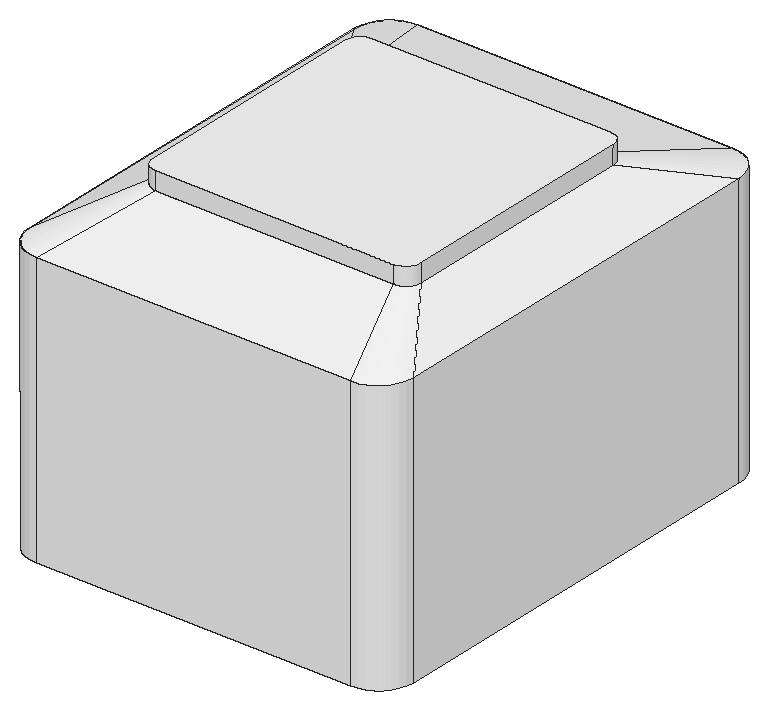
Revit family "Domotics-DomesticRanges-GEWISS-27COMBI_SYSTEM-IP40_SOCKET-OUTLET_ENG", category Apparecchi elettrici, host Superficie, Revit 2016
Family settings
  Host = Superficie
  Mantenere orientamento annotazione = Sì
  Tipo di parte = Normale
  Quota connettore circolare = Usa diametro
  Taglio con vuoti quando caricato = No
  Condiviso = No
  Punto di calcolo locali = Sì
Parameters (values of type "GW27813 - With 2P+E 13a british socket-outlet IP40")
  Voltage: = "250 V ac"
  Voltage = "250 V ac"
  Volt = 230 V
  Vista in pianta [instance] = yes
  Version file RFA = "19.4"
  URL = "https://www.gewiss.com/ww/en"
  Type of knockout holes = "Removable with tool"
  Torque screws tightening = "0,8NM"
  Thermo-pressure with ball = "70 °C"
  Technical sheet = "https://www.gewiss.com/ww/en/search?q=GW27813"
  TXT ELETTRICO = "13"
  Standard; = "IEC 60884-1"
  Standard = "IEC 60884-1"
  Simbolo [instance] = yes
  SEO = "Enclosure"
  Realized by GEWISS S.p.A. = ""
  Default Elevation = 1219.2 mm
  Produttore = "GEWISS S.p.A."
  Outer dim. LxHxD (mm) = "66x82x55"
  No. knockout holes Ã˜23 = "3 on sides / 1 on the bottom"
  N. poli = 1
  N. holes Ã˜ 23 with cable gland = "1"
  Modello = "GW27813"
  Lid screws = "Corrosion-resistant steel"
  Insulation class = "II"
  Installation temperature = "-25 +60 °C"
  Immagine tipo = GW27813.jpg
  IP degree = "IP40"
  IFC.TypeObject = ""
  IFC.ExportType = ""
  IFC.ExportAs = ""
  IDT = "9fa3e215-fd2d-4621-8f7f-d3c1a49818b3"
  IDF = "e782e6a8-2d37-4773-956a-21f043005776"
  Glow Wire Test = "650°C"
  Electrocod = "0131"
  EAN code = "8011564095410"
  Distanza_x [instance] = 0 mm
  Distanza_effettiva_y [instance] = 100 mm
  Distanza_effettiva_x [instance] = 1000 mm - Distanza_x  # 1000 mm
  Distanza orizzontale del simbolo [instance] = 142.776 mm
  Distanza dal muro [instance] = 4.208 mm
  Descrizione = "2P+E 13A BRITISH SOCKET-OUTLET IP40"
  Description: = "Socket-outlet 2P+E - 13A"
  Colour = "Grey RAL 7035"
  Characteristics = "British Standard"
  Catalogue Range = "27COMBI"
  Catalogue = "DOMOTICS"
  Carico apparente = 0 VA
  COBie.Tagnumber = ""
  COBie.CreatedOn = ""
  COBie.CreatebBy = ""
  COBie.ComponentRegisterItemID = ""
  COBie.Component.TagNumber = ""
  COBie.Component.Space = ""
  COBie.Component.SerialNumber = ""
  COBie.Component.InstallationDate = ""
  COBie.Component.Description = ""
  COBie.Component.BarCode = ""
Reference planes
  plane 1 "Centro (Fronte/Retro)": y = 0
  plane 2: z = 0
  plane 3 "Centro (Sinistra/Destra)": x = 0
  plane 4: x = -1000
  plane 5: y = 100
  plane 6: x = 0
Lines and regions (mm)
  Masking region 1, visible <- "Vista in pianta"
    outline origin (0, 0, 0) x (1, 0, 0) y (0, 0, 1)
      loop
        line (-33, 55) -> (-33, 0) -> (33, 0) -> (33, 55) -> (-33, 55)
  Masking region 2, visible <- "Vista in pianta"
    outline origin (0, 0, 0) x (0, 1, 0) y (0, 0, 1)
      loop
        line (-40.75, 55) -> (-40.75, 0) -> (41.25, 0) -> (41.25, 55) -> (-40.75, 55)
Dimensions and locks
  plane 4 to plane 3 "Centro (Sinistra/Destra)" = 1000 mm
  "Distanza_effettiva_x": plane 4 to plane 6
  "Distanza_effettiva_y": plane 5 to plane 1 "Centro (Fronte/Retro)"
  aligned and locked: plane 2 to host face
  aligned and locked: level to host face
  aligned and locked: plane 3 "Centro (Sinistra/Destra)" to nested 1
  aligned and locked: plane 1 "Centro (Fronte/Retro)" to nested 1
  aligned and locked: plane 6 to nested 2
  aligned and locked: nested 2 to plane 5
  aligned and locked: Masking region 1 sketch curve to nested 1  (x4)
  aligned and locked: Masking region 2 sketch curve to nested 1  (x4)
Automatic sketch dimensions
  host sketch curve to host sketch curve = 2438.4 mm  (x2)
Nested families
  nested 1: "System Contenitori IP40 Compl Prese Eng_GENERICO" at (0, 0, 0), type "GW27813 Presa standard Inglese 2P+T 13A protetta"
  nested 2: "SIMBOLO PRESE" at (0, 100, 0), TESTO ELETTRICO <- "TXT ELETTRICO", Distanza dal muro <- "Distanza dal muro", SIMBOLO <- "Simbolo", visible <- "Simbolo", type "PRESA"
    with TESTO ELETTRICO "13", SIMBOLO yes, Distanza dal muro 4.208 mm, BORDO ACCESO yes
Connectors
  electrical at (0, 0.25, 0), driven by "N. poli", driven by "Volt", driven by "Carico apparente"
    settings: on nested 1, index 1, voltage 230 V, apparent load 0 VA, apparent load phase1 0 VA, apparent load phase2 0 VA, apparent load phase3 0 VA, power factor 1, load classification "Altro", number of poles 1, system type 31, power factor state 1, is connector primary yes, connector utility no, sub classification motor no, connector description ""
Definition of nested family "System Contenitori IP40 Compl Prese Eng_GENERICO"
  Parameters (values of type "GW27813 Presa standard Inglese 2P+T 13A protetta")
    Default Elevation = 1219.2 mm
    Profondità = 55 mm
    Lunghezza = 82 mm
    Larghezza = 66 mm
    Finitura System IP40 = none
    Altezza da terra = 750 mm
  Reference planes
    plane 1 "Centro (Fronte/Retro)": y = 0
    plane 2: z = 0
    plane 3 "Centro (Sinistra/Destra)": x = 0
    plane 4: x = -33
    plane 5: x = 33
    plane 6 "Lato Estrusione Unione": z = 47
    plane 7: x = -23
    plane 8: x = 23
    plane 9 "Faccia Presa Avanti": z = 55
    plane 10: y = 41.25
    plane 11: y = -40.75
    plane 12: z = 52
  Forms (mm)
    Blend 1, solid, material <- "Finitura System IP40"
      base sketch origin (0, -790.75, 22) x (1, 0, 0) y (0, 1, 0)
        loop
          arc (-20.5, 814) -> (-22.268, 813.268) -> (-23, 811.5) r 2.5
          line (-23, 811.5) -> (-23, 770)
          arc (-23, 770) -> (-22.268, 768.232) -> (-20.5, 767.5) r 2.5
          line (-20.5, 767.5) -> (20.5, 767.5)
          arc (20.5, 767.5) -> (22.268, 768.232) -> (23, 770) r 2.5
          line (23, 770) -> (23, 811.5)
          arc (23, 811.5) -> (22.268, 813.268) -> (20.5, 814) r 2.5
          line (20.5, 814) -> (-20.5, 814)
      top sketch origin (0, -790.75, 22) x (1, 0, 0) y (0, 1, 0)
        loop
          arc (-27, 832) -> (-31.243, 830.243) -> (-33, 826) r 6
          line (-33, 826) -> (-33, 756)
          arc (-33, 756) -> (-31.243, 751.757) -> (-27, 750) r 6
          line (-27, 750) -> (27, 750)
          arc (27, 750) -> (31.243, 751.757) -> (33, 756) r 6
          line (33, 756) -> (33, 826)
          arc (33, 826) -> (31.243, 830.243) -> (27, 832) r 6
          line (27, 832) -> (-27, 832)
      from 30 to 25
    Extrusion 2, solid, material <- "Finitura System IP40"
      sketch origin (0, -790.75, 22) x (1, 0, 0) y (0, 1, 0)
        loop
          arc (-27, 832) -> (-31.243, 830.243) -> (-33, 826) r 6
          line (-33, 826) -> (-33, 756)
          arc (-33, 756) -> (-31.243, 751.757) -> (-27, 750) r 6
          line (-27, 750) -> (27, 750)
          arc (27, 750) -> (31.243, 751.757) -> (33, 756) r 6
          line (33, 756) -> (33, 826)
          arc (33, 826) -> (31.243, 830.243) -> (27, 832) r 6
          line (27, 832) -> (-27, 832)
        loop
          line (-31, 826) -> (-31, 756)
          arc (-31, 756) -> (-29.828, 753.172) -> (-27, 752) r 4
          line (-27, 752) -> (27, 752)
          arc (27, 752) -> (29.828, 753.172) -> (31, 756) r 4
          line (31, 756) -> (31, 826)
          arc (31, 826) -> (29.828, 828.828) -> (27, 830) r 4
          line (27, 830) -> (-27, 830)
          arc (-27, 830) -> (-29.828, 828.828) -> (-31, 826) r 4
      from 25 to -22
    Extrusion 3, solid, material <- "Finitura System IP40"
      sketch origin (0, -790.75, 22) x (1, 0, 0) y (0, 1, 0)
        loop
          arc (-20.5, 814) -> (-22.268, 813.268) -> (-23, 811.5) r 2.5
          line (-23, 811.5) -> (-23, 770)
          arc (-23, 770) -> (-22.268, 768.232) -> (-20.5, 767.5) r 2.5
          line (-20.5, 767.5) -> (20.5, 767.5)
          arc (20.5, 767.5) -> (22.268, 768.232) -> (23, 770) r 2.5
          line (23, 770) -> (23, 811.5)
          arc (23, 811.5) -> (22.268, 813.268) -> (20.5, 814) r 2.5
          line (20.5, 814) -> (-20.5, 814)
      from 25 to 33
  Lines and regions (mm)
    model lines, detail levels fine
      curve 1: line (20.19, -18.551, 55) -> (20.19, -12.842, 55)
      curve 2: line (20.19, -12.842, 55) -> (6.905, -12.842, 55)
      curve 3: line (6.905, -12.842, 55) -> (6.905, -18.551, 55)
      curve 4: line (6.905, -18.551, 55) -> (20.19, -18.551, 55)
      curve 5: line (-20.19, -18.551, 55) -> (-20.19, -12.842, 55)
      curve 6: line (-20.19, -12.842, 55) -> (-6.905, -12.842, 55)
      curve 7: line (-6.905, -12.842, 55) -> (-6.905, -18.551, 55)
      curve 8: line (-6.905, -18.551, 55) -> (-20.19, -18.551, 55)
      curve 9: line (-2.855, 5.266, 55) -> (2.855, 5.266, 55)
      curve 10: line (2.855, 5.266, 55) -> (2.855, 18.551, 55)
      curve 11: line (2.855, 18.551, 55) -> (-2.855, 18.551, 55)
      curve 12: line (-2.855, 18.551, 55) -> (-2.855, 5.266, 55)
  Dimensions and locks
    equal spacing: plane 5, plane 3 "Centro (Sinistra/Destra)", plane 4
    "Larghezza": plane 5 to plane 4
    locked: plane 5 to plane 8 at 10
    locked: plane 7 to plane 4 at 10
    locked: plane 7 to plane 3 "Centro (Sinistra/Destra)" at 23
    locked: plane 10 to plane 11 at 82
    plane 9 "Faccia Presa Avanti" to plane 12 to plane 6 "Lato Estrusione Unione" = 3 mm locked, 5 mm locked
    "Profondità": plane 9 "Faccia Presa Avanti" to plane 2
    aligned and locked: level to plane 2
    aligned and locked: Blend 1 sketch curve to plane 7
    aligned and locked: Blend 1 sketch curve to plane 8
    aligned and locked: plane 4 to Blend 1 sketch curve
    aligned and locked: plane 5 to Blend 1 sketch curve
    aligned and locked: Blend 1 to plane 6 "Lato Estrusione Unione"
    aligned and locked: plane 4 to Extrusion 2 sketch curve
    aligned and locked: Extrusion 3 sketch curve to plane 7
    aligned and locked: Extrusion 3 sketch curve to plane 8
    aligned and locked: plane 9 "Faccia Presa Avanti" to Extrusion 3
    aligned and locked: Extrusion 2 to plane 2
    aligned and locked: plane 10 to Extrusion 2
    aligned and locked: plane 11 to Extrusion 2
    aligned and locked: plane 4 to Extrusion 2
    aligned and locked: plane 5 to Extrusion 2
    aligned and locked: Extrusion 2 to plane 6 "Lato Estrusione Unione"
    aligned and locked: plane 6 "Lato Estrusione Unione" to Extrusion 2
    aligned and locked: plane 12 to Blend 1
    aligned and locked: plane 6 "Lato Estrusione Unione" to Extrusion 3
  Automatic sketch dimensions
    Blend 1 sketch curve to plane 8 = 2.5 mm  (x2)
    plane 1 "Centro (Fronte/Retro)" to Blend 1 sketch curve = 23.25 mm
    Blend 1 sketch curve to plane 1 "Centro (Fronte/Retro)" = 20.75 mm
    plane 7 to Blend 1 sketch curve = 4 mm  (x2)
    plane 8 to Blend 1 sketch curve = 4 mm  (x2)
    plane 1 "Centro (Fronte/Retro)" to Blend 1 sketch curve = 40.75 mm
    Blend 1 sketch curve to plane 1 "Centro (Fronte/Retro)" = 35.25 mm
    Extrusion 2 sketch curve to Extrusion 2 sketch curve = 0 mm  (x8)
    Extrusion 2 sketch curve to plane 5 = 0 mm
    plane 4 to Extrusion 2 sketch curve = 2 mm
    plane 7 to Extrusion 2 sketch curve = 4 mm  (x2)
    plane 8 to Extrusion 2 sketch curve = 4 mm  (x2)
    plane 1 "Centro (Fronte/Retro)" to Extrusion 2 sketch curve = 40.75 mm
    Extrusion 2 sketch curve to plane 1 "Centro (Fronte/Retro)" = 35.25 mm
    Extrusion 3 sketch curve to plane 8 = 2.5 mm  (x2)
    plane 1 "Centro (Fronte/Retro)" to Extrusion 3 sketch curve = 23.25 mm
    Extrusion 3 sketch curve to plane 1 "Centro (Fronte/Retro)" = 20.75 mm
    plane 1 "Centro (Fronte/Retro)" to curve 6 = 12.842 mm
    plane 5 to curve 6 = 53.19 mm
    curve 5 to curve 7 = 13.285 mm
    curve 6 to curve 11 = 4.051 mm
    curve 9 to curve 10 = 5.709 mm
    curve 7 to curve 3 = 13.81 mm
    curve 3 to curve 4 = 13.285 mm
    plane 1 "Centro (Fronte/Retro)" to curve 2 = 12.842 mm
    curve 8 to curve 5 = 5.709 mm
    curve 4 to curve 2 = 5.709 mm
    curve 9 to plane 1 "Centro (Fronte/Retro)" = 5.266 mm
    curve 9 to curve 11 = 13.285 mm
    Blend 1 sketch curve to plane 7 = 2.5 mm
    Blend 1 sketch curve to Blend 1 sketch curve = 2.5 mm
    Extrusion 3 sketch curve to plane 7 = 2.5 mm
    Extrusion 3 sketch curve to Extrusion 3 sketch curve = 2.5 mm
Definition of nested family "SIMBOLO PRESE"
  Parameters (values of type "PRESA")
    TESTO ELETTRICO [instance] = "TXT"
    Simbolo = SIMBOLO PRESE_BASE : PRESA
    SIMBOLO [instance] = yes
    Distanza dal muro [instance] = 4.208 mm
    BORDO ACCESO [instance] = yes
  Reference planes
    plane 1: y = 0
    plane 2: x = 0
  Dimensions and locks
    aligned and locked: plane 1 to nested 1
    aligned and locked: plane 2 to nested 1
  Nested families
    nested 1: "SIMBOLO PRESE_BASE" at (0, 0, 0), type <- "Simbolo", TESTO ELETTRICO <- "TESTO ELETTRICO", BORDO ACCESO <- "BORDO ACCESO", visible <- "SIMBOLO", type "PRESA"
      with TESTO ELETTRICO "TXT", BORDO ACCESO yes
  Definition of nested family "SIMBOLO PRESE_BASE"
    Parameters (values of type "PRESA")
      TESTO ELETTRICO [instance] = "TXT"
      Distanza dal muro = 4.208 mm
      BORDO ACCESO [instance] = yes
    Reference planes
      plane 1: y = 0
      plane 2: x = 0
    Lines and regions (mm)
      detail lines, visible <- "BORDO ACCESO", not visible
        curve 1: line (-1.743, 9.208, 0) -> (2.057, 9.208, 0)
        curve 2: line (2.057, 9.208, 0) -> (2.057, 4.208, 0)
        curve 3: line (2.057, 4.208, 0) -> (-1.743, 4.208, 0)
        curve 4: line (-1.743, 4.208, 0) -> (-1.743, 9.208, 0)
        curve 5: line (-1.543, 9.008, 0) -> (1.857, 9.008, 0)
        curve 6: line (1.857, 9.008, 0) -> (1.857, 4.408, 0)
        curve 7: line (1.857, 4.408, 0) -> (-1.543, 4.408, 0)
        curve 8: line (-1.543, 4.408, 0) -> (-1.543, 9.008, 0)
      detail lines
        curve 9: line (0.783, 1.133, 0) -> (-0.783, 1.133, 0)
        curve 10: line (0, 1.133, 0) -> (0, 0.349, 0)
        curve 11: arc (-0.783, 1.916, 0) -> (0, 1.133, 0) -> (0.783, 1.916, 0) r 0.783
    Text (mm)
      label "TXT" at (0.016, 1.578, 0), shows "TESTO ELETTRICO"
